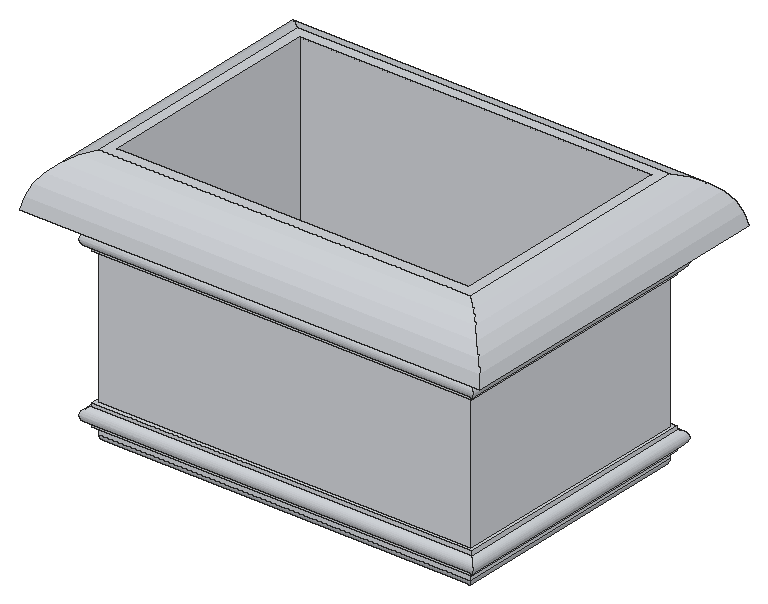
Revit family
Parameters (values of type "SBSP-138.5")
  Width = 7' - 0"
  URL = "www.strombergarchitectural.com"
  Top Material = GFRC
  Submittal Sheet = "www.strombergarchitectural.com/images/materials/gfrc/submittal/gfrc-submittal-sheet.pdf"
  Specifications = "www.strombergarchitectural.com/gfrcspecifications"
  Model Cut-sheet = "www.strombergarchitectural.com/products/bollards/design/sbsp-138"
  Model = "SBSP-138"
  Manufacturer = "Stromberg Architectural Products"
  Guidebook = "www.strombergarchitectural.com/images/materials/gfrc/handbooks/gfrc_guidebook.pdf"
  Frame Material = none
  Description = "GFRC Bollard"
  Assembly Code = ""
  Height = 4' - 0"
  138.5 = yes
  138.4 = no
  138.3 = no
  138.2 = no
  138.1 = no
Types (6): name | Width | Guidebook | Description | Height | 138.5 | 138.4 | 138.3 | 138.2 | 138.1
  (no name) | 7' - 0" | "www.strombergarchitectural.com/images/materials/gfrc/handbooks/gfrc_guidebook.pdf" | "GFRC Bollard" | 4' - 0" | yes | no | no | no | no
  SBSP-138.3 | 5' - 3" | "www.strombergarchitectural.com/images/materials/gfrc/handbooks/gfrc_guidebook.pdf" | "" | 3' - 0" | no | no | yes | no | no
  SBSP-138.1 | 3' - 6" | "www.strombergarchitectural.com/images/materials/gfrc/handbooks/gfrc_guidebook.pdf   \r\n(http://www.strombergarchitectural.com/images/materials/gfrc/handbooks/gfrc_guidebook.pdf" | "" | 2' - 0" | no | no | no | no | yes
  SBSP-138.2 | 4' - 4" | "www.strombergarchitectural.com/images/materials/gfrc/handbooks/gfrc_guidebook.pdf" | "" | 2' - 6" | no | no | no | yes | no
  SBSP-138.4 | 6' - 1" | "www.strombergarchitectural.com/images/materials/gfrc/handbooks/gfrc_guidebook.pdf" | "" | 3' - 6" | no | yes | no | no | no
  SBSP-138.5 | 7' - 0" | "www.strombergarchitectural.com/images/materials/gfrc/handbooks/gfrc_guidebook.pdf" | "GFRC Bollard" | 4' - 0" | yes | no | no | no | no
Reference planes
  plane 1 "Center (Front/Back)": y = 95.211
  plane 2: z = 0
  plane 3 "Center (Left/Right)": x = 18.486
Forms (mm)
  Sweep 1, solid, visible <- "138.1"
    path in 3D
      loop
        line (-413.314, 383.078, 0) -> (450.286, 383.078, 0) -> (450.286, -192.656, 0) -> (-413.314, -192.656, 0) -> (-413.314, 383.078, 0)
    profile origin (-413.314, 95.211, 0) x (-1, 0, 0) y (0, 0, 1)
      loop
        line (0, 609.6) -> (-29.633, 609.6) -> (-29.633, 0) -> (-16.933, 0)
        arc (-16.933, 0) -> (-4.96, 4.96) -> (0, 16.933) r 16.933
        line (0, 16.933) -> (0, 33.867) -> (8.467, 33.867) -> (8.467, 42.333)
        arc (8.467, 42.333) -> (25.4, 59.267) -> (8.467, 76.2) r 16.933
        line (8.467, 76.2) -> (8.467, 84.667) -> (0, 84.667) -> (0, 399.787) -> (8.467, 399.787) -> (8.467, 408.254)
        arc (8.467, 408.254) -> (25.4, 425.187) -> (8.467, 442.12) r 16.933
        line (8.467, 442.12) -> (8.467, 450.587) -> (0, 450.587) -> (0, 493.183) -> (5.949, 493.183) -> (101.199, 493.183)
        arc (101.199, 493.183) -> (69.479, 567.803) -> (0, 609.6) r 131.406
  Sweep 2, solid, visible <- "138.2"
    path in 3D
      loop
        line (-521.264, 455.044, 0) -> (558.236, 455.044, 0) -> (558.236, -264.622, 0) -> (-521.264, -264.622, 0) -> (-521.264, 455.044, 0)
    profile origin (-521.264, 95.211, 0) x (-1, 0, 0) y (0, 0, 1)
      loop
        line (0, 762) -> (-33.867, 762) -> (-33.867, 0) -> (-21.167, 0)
        arc (-21.167, 0) -> (-6.2, 6.2) -> (0, 21.167) r 21.167
        line (0, 21.167) -> (0, 42.333) -> (10.583, 42.333) -> (10.583, 52.917)
        arc (10.583, 52.917) -> (31.75, 74.083) -> (10.583, 95.25) r 21.167
        line (10.583, 95.25) -> (10.583, 105.833) -> (0, 105.833) -> (0, 499.734) -> (10.583, 499.734) -> (10.583, 510.317)
        arc (10.583, 510.317) -> (31.75, 531.484) -> (10.583, 552.65) r 21.167
        line (10.583, 552.65) -> (10.583, 563.234) -> (0, 563.234) -> (0, 616.479) -> (126.499, 616.479)
        arc (126.499, 616.479) -> (86.841, 709.748) -> (0, 762) r 164.299
  Sweep 3, solid, visible <- "138.3"
    path in 3D
      loop
        line (-629.214, 527.011, 0) -> (666.186, 527.011, 0) -> (666.186, -336.589, 0) -> (-629.214, -336.589, 0) -> (-629.214, 527.011, 0)
    profile origin (-629.214, 95.211, 0) x (-1, 0, 0) y (0, 0, 1)
      loop
        line (0, 914.4) -> (-38.1, 914.4) -> (-38.1, 0) -> (-25.4, 0)
        arc (-25.4, 0) -> (-7.439, 7.439) -> (0, 25.4) r 25.4
        line (0, 25.4) -> (0, 50.8) -> (12.7, 50.8) -> (12.7, 63.5)
        arc (12.7, 63.5) -> (38.1, 88.9) -> (12.7, 114.3) r 25.4
        line (12.7, 114.3) -> (12.7, 127) -> (0, 127) -> (0, 599.68) -> (12.7, 599.68) -> (12.7, 612.38)
        arc (12.7, 612.38) -> (38.1, 637.78) -> (12.7, 663.18) r 25.4
        line (12.7, 663.18) -> (12.7, 675.88) -> (0, 675.88) -> (0, 739.775) -> (151.799, 739.775)
        arc (151.799, 739.775) -> (104.191, 851.681) -> (0, 914.4) r 197.263
  Sweep 4, solid, visible <- "138.4"
    path in 3D
      loop
        line (-737.164, 598.978, 0) -> (774.136, 598.978, 0) -> (774.136, -408.556, 0) -> (-737.164, -408.556, 0) -> (-737.164, 598.978, 0)
    profile origin (-737.164, 95.211, 0) x (-1, 0, 0) y (0, 0, 1)
      loop
        line (0, 1066.8) -> (-42.333, 1066.8) -> (-42.333, 0) -> (-29.633, 0)
        arc (-29.633, 0) -> (-8.624, 9.287) -> (0, 30.577) r 30.592
        line (0, 30.577) -> (0, 59.267) -> (14.817, 59.267) -> (14.817, 74.083)
        arc (14.817, 74.083) -> (44.45, 103.717) -> (14.817, 133.35) r 29.633
        line (14.817, 133.35) -> (14.817, 148.167) -> (0, 148.167) -> (0, 699.627) -> (14.817, 699.627) -> (14.817, 714.444)
        arc (14.817, 714.444) -> (44.45, 744.077) -> (14.817, 773.711) r 29.633
        line (14.817, 773.711) -> (14.817, 788.527) -> (0, 788.527) -> (0, 863.071) -> (177.099, 863.071)
        arc (177.099, 863.071) -> (121.603, 993.668) -> (0, 1066.8) r 229.877
  Sweep 5, solid, visible <- "138.5"
    path in 3D
      loop
        line (-845.114, 670.944, 0) -> (882.086, 670.944, 0) -> (882.086, -480.522, 0) -> (-845.114, -480.522, 0) -> (-845.114, 670.944, 0)
    profile origin (-845.114, 95.211, 0) x (-1, 0, 0) y (0, 0, 1)
      loop
        line (0.285, 1219.2) -> (-46.92, 1219.2) -> (-46.92, 0) -> (-34.22, 0)
        arc (-34.22, 0) -> (-10.023, 10.023) -> (0, 34.22) r 34.22
        line (0, 34.22) -> (0, 67.733) -> (17.219, 67.733) -> (17.219, 84.667)
        arc (17.219, 84.667) -> (51.085, 118.533) -> (17.219, 152.4) r 33.867
        line (17.219, 152.4) -> (17.219, 169.333) -> (0.285, 169.333) -> (0.285, 799.574) -> (17.219, 799.574) -> (17.219, 816.507)
        arc (17.219, 816.507) -> (51.085, 850.374) -> (17.219, 884.241) r 33.867
        line (17.219, 884.241) -> (17.219, 901.174) -> (0.285, 901.174) -> (0.285, 986.367) -> (202.684, 986.367)
        arc (202.684, 986.367) -> (139.233, 1135.597) -> (0.285, 1219.2) r 262.87
Lines and regions (mm)
  sketch lines
    curve 1: line (-413.314, -192.656, 0) -> (-413.314, 383.078, 0)
    curve 2: line (450.286, -192.656, 0) -> (-413.314, -192.656, 0)
    curve 3: line (450.286, 383.078, 0) -> (450.286, -192.656, 0)
    curve 4: line (-413.314, 383.078, 0) -> (450.286, 383.078, 0)
    curve 5: line (-521.264, -264.622, 0) -> (-521.264, 455.044, 0)
    curve 6: line (558.236, -264.622, 0) -> (-521.264, -264.622, 0)
    curve 7: line (558.236, 455.044, 0) -> (558.236, -264.622, 0)
    curve 8: line (-521.264, 455.044, 0) -> (558.236, 455.044, 0)
    curve 9: line (-629.214, -336.589, 0) -> (-629.214, 527.011, 0)
    curve 10: line (-629.214, 527.011, 0) -> (666.186, 527.011, 0)
    curve 11: line (666.186, 527.011, 0) -> (666.186, -336.589, 0)
    curve 12: line (666.186, -336.589, 0) -> (-629.214, -336.589, 0)
    curve 13: line (-737.164, -408.556, 0) -> (-737.164, 598.978, 0)
    curve 14: line (774.136, -408.556, 0) -> (-737.164, -408.556, 0)
    curve 15: line (774.136, 598.978, 0) -> (774.136, -408.556, 0)
    curve 16: line (-737.164, 598.978, 0) -> (774.136, 598.978, 0)
    curve 17: line (-845.114, -480.522, 0) -> (-845.114, 670.944, 0)
    curve 18: line (882.086, -480.522, 0) -> (-845.114, -480.522, 0)
    curve 19: line (882.086, 670.944, 0) -> (882.086, -480.522, 0)
    curve 20: line (-845.114, 670.944, 0) -> (882.086, 670.944, 0)
